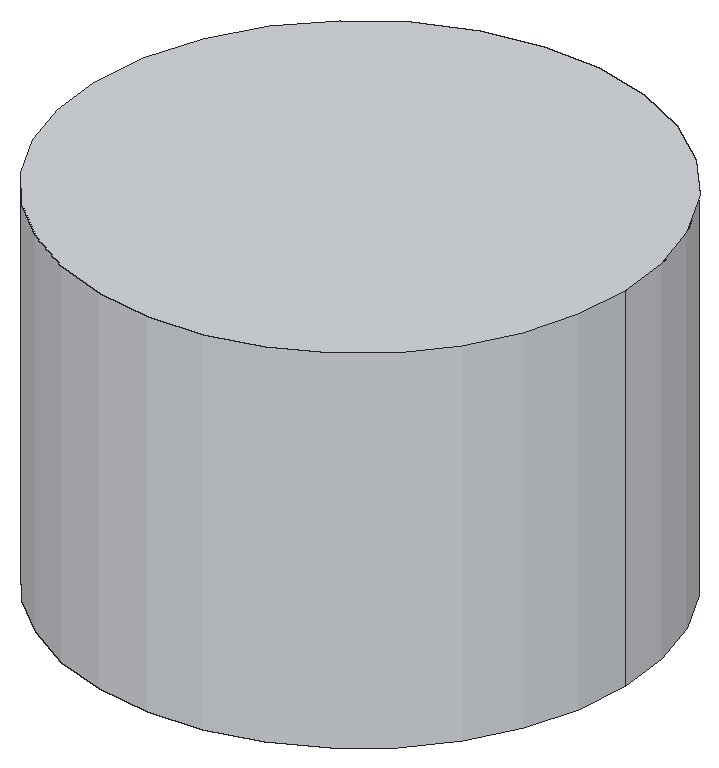
Revit family "LE_D_Auslass_für_Beleuchtung_V1700", category Leuchten, Revit 2017
Family settings
  Bemaßung runder Anschluss = Durchmesser verwenden
  Teiletyp = Normal
  OmniClass-Nummer = 23.80.70.11
  OmniClass-Titel = Luminaries for Internal Lighting
  Arbeitsebenenbasiert = Ja
  Immer vertikal = Ja
  Beim Laden mit Abzugskörper schneiden = Nein
  Lichtquelle = Ja
  Gemeinsam genutzt = Nein
  Raumberechnungspunkt = Nein
Parameters (values of type "Auslass_Leuchte")
  pbr_Material_KZ = ""
  pbr_Material = none
  pbr_E_Typ = ""
  pbr_E_KZ = ""
  pbr_DINBild = 0
  pbr_Bild = 0
  cpiFitMatchKey [instance] = "E-DLE-18-5"
  Zentrale [instance] = ""
  built-in parameter 1150104 = 13.8 (stored number, unit not read)
  Wirkleistung [instance] = 0 W
  Wattage = 9.2903 W
  Default Elevation = 1219.2 mm
  built-in parameter 1150113 = 1 (stored number, unit not read)
  built-in parameter 1114218 = 1 (stored number, unit not read)
  Typ = ""
  Text3 = ""
  Text2 = ""
  Text1 = ""
  built-in parameter 1150134 = 3
  built-in parameter 1150109 = 1 (stored number, unit not read)
  Symbolradius [instance] = if(Symbollänge = 0 mm, Lampenradius, Symbolabstand / 2 * 1.414)  # 400 mm
  Symbollänge [instance] = 0 mm
  Symbolabstand [instance] = if(Symbollänge = 0 mm, Lampenradius * 1.414, Symbollänge)  # 565.6 mm
  built-in parameter 1010506 = 0.5236 (stored number, unit not read)
  built-in parameter 1150110 = 1 (stored number, unit not read)
  Spannung = 230 V  # constant formula
  Scheinleistung [instance] = 0 VA
  Scheinlast = 0 VA
  Schaltgruppe2 [instance] = 0
  Schaltgruppe1 [instance] = 0
  Poligkeit = 1
  Planungsbüro Rohling = "www.pbr.de"
  Neigungswinkel = 90.00°
  Menge(Dosenzahl) = 1
  Light Source Symbol Length = 3048 mm
  Linie/Anschluss [instance] = ""
  built-in parameter 1114217 = 1 (stored number, unit not read)
  built-in parameter 1150139 = (empty or 0)
  built-in parameter 1150105 = 4614.1 (stored number, unit not read)
  built-in parameter 1150114 = 1 (stored number, unit not read)
  Lumens = 1380 lm
  built-in parameter 1150115 = 1 (stored number, unit not read)
  Lastklassifizierung [instance] = none
  Lampentyp [instance] = ""
  Lampenradius = 400 mm
  built-in parameter 1150112 = 1 (stored number, unit not read)
  Lampeninnenradius = 150 mm
  Lampe = "Leuchtenauslass"
  Kommentar zur Wattzahl [instance] = ""
  Installationsart [instance] = ""
  Info = ""
  IFC = ""
  Höhe = 600 mm
  Gewerk [instance] = "BEL"
  built-in parameter 1010507 = 1.5708 (stored number, unit not read)
  Dimming Lamp Color Temperature Shift = (empty or 0)
  Color Filter = 16777215
  Länge des Lichtquellensymbols = 3048 mm
  built-in parameter 1150137 = (empty or 0)
  built-in parameter 1150132 = (empty or 0)
  Deckenabstand [instance] = 600 mm
  built-in parameter 1150106 = 46.141 (stored number, unit not read)
  Anschlussleitungsradius = 7 mm
  Anschlussbuchsenradius_1 = Anschlussbuchsenradius * 0.8  # 24 mm
  Anschlussbuchsenradius = 30 mm
  Anschlussbuchsenhöhe = 40 mm
  built-in parameter 1150107 = 3200 (stored number, unit not read)
  built-in parameter 1150102 = (empty or 0)
  built-in parameter 1150138 = (empty or 0)
Reference planes
  plane 1 "Mitte (Vorne/Hinten)": y = 0
  plane 2: z = 0
  plane 3 "Mitte (Links/Rechts)": x = 0
  plane 4 "Lampe oben": z = 0
  plane 5 "Lampe unten": z = -600
  plane 6 "Buchse": z = -40
  plane 7: y = 282.8
  plane 8: x = 282.8
  plane 9: y = -282.8
  plane 10: x = -282.8
Forms (mm)
  Extrusion 1, solid
    sketch origin (0, 0, -40) x (-1, 0, 0) y (0, -1, 0)
      loop
        circle (0, 0) r 30
    from 0 to 40
Lines and regions (mm)
  reference lines
    curve 1: line (0, 0, 1407.319) -> (0, 0, 1447.319)
Dimensions and locks
  "Deckenabstand": level to plane 5 "Lampe unten"
  "Höhe": plane 4 "Lampe oben" to plane 5 "Lampe unten"
  "Anschlussbuchsenhöhe": level to plane 6 "Buchse"
  equal spacing: plane 10, plane 3 "Mitte (Links/Rechts)", plane 8
  equal spacing: plane 9, plane 1 "Mitte (Vorne/Hinten)", plane 7
  "Symbolabstand": plane 10 to plane 8
  "Symbolabstand": plane 7 to plane 9
  "Anschlussbuchsenradius": radius of Extrusion 1 sketch curve
  aligned and locked: level to plane 2
  aligned and locked: level to Extrusion 1
  aligned and locked: imposter light to plane 4 "Lampe oben"
Automatic sketch dimensions
  curve 1 to plane 3 "Mitte (Links/Rechts)" = 0 mm
  level to curve 1 = 1407.319 mm
  curve 1 to curve 1 = 40 mm
  plane 1 "Mitte (Vorne/Hinten)" to Extrusion 1 sketch curve = 0 mm
  Extrusion 1 sketch curve to plane 3 "Mitte (Links/Rechts)" = 0 mm
Nested families
  nested 1: "Deckenauslass" at (0, 0, 0), type "Deckenauslass"
Connectors
  electrical at (0, 0, 0), driven by "Spannung"
    settings: on Extrusion 1, index 1, voltage 230 V, apparent load 0 VA, apparent load phase1 18 VA, apparent load phase2 0 VA, apparent load phase3 0 VA, power factor 1, load classification "Beleuchtung", number of poles 1, system type 30, power factor state 1, is connector primary yes, connector utility no, sub classification motor no, connector description ""
Definition of nested family "Deckenauslass"
  Parameters (values of type "Deckenauslass")
    pbr_Material_KZ = ""
    pbr_Material = none
    pbr_E_Typ = ""
    pbr_E_KZ = ""
    pbr_DINBild = 0
    pbr_Bild = 0
    Zentrale [instance] = ""
    Wirkungsgrad [instance] = 0 lm/W
    Watt [instance] = 0 W
    Typ = ""
    Text3 = ""
    Text2 = ""
    Text1 = ""
    Spannung [instance] = 0
    Scheinleistung [instance] = 0 VA
    Schaltgruppe2 [instance] = 0
    Schaltgruppe1 [instance] = 0
    Planungsbüro Rohling = ""
    Menge(Dosenzahl) = 0
    Lastklassifizierung [instance] = none
    Lampentyp [instance] = ""
    Kommentar zur Wattzahl [instance] = ""
    Installationsart [instance] = ""
    Info = ""
    Gewerk = ""
  Reference planes
    plane 1 "Mitte (Vorne/Hinten)": y = 0
    plane 2: z = 0
    plane 3 "Mitte (Links/Rechts)": x = 0
  Lines and regions (mm)
    Filled region 1, type "Beton", in view "Referenzebene"
      outline origin (-34.875, -163.806, 0) x (1, 0, 0) y (0, 1, 0)
        loop
          line (-51.656, 289.583) -> (-64.047, 277.193) -> (148.085, 65.061) -> (160.476, 77.451) -> (-51.656, 289.583)
        loop
          line (-87.012, 254.228) -> (121.418, 38.393) -> (133.78, 50.756) -> (-74.649, 266.591) -> (-87.012, 254.228)
    Filled region 2, type "Beton", in view "Referenzebene"
      outline origin (-34.875, -163.806, 0) x (1, 0, 0) y (0, 1, 0)
        loop
          line (125.12, 289.583) -> (-87.012, 77.451) -> (-74.612, 65.052) -> (137.52, 277.184) -> (125.12, 289.583)
        loop
          line (148.077, 266.627) -> (-64.056, 54.495) -> (-51.656, 42.096) -> (160.476, 254.228) -> (148.077, 266.627)
    detail lines, in view "Referenzebene"
      curve 1: line (107.923, -104.032, 0) -> (-104.209, 108.1, 0)
      curve 2: line (-104.209, -104.032, 0) -> (107.923, 108.1, 0)
      curve 3: line (107.923, 108.1, 0) -> (108.167, 108.114, 0)
      curve 4: line (108.167, 108.114, 0) -> (108.167, 108.327, 0)
      curve 5: line (108.167, 108.327, 0) -> (107.954, 108.327, 0)
      curve 6: line (107.954, 108.327, 0) -> (107.954, 108.102, 0)
